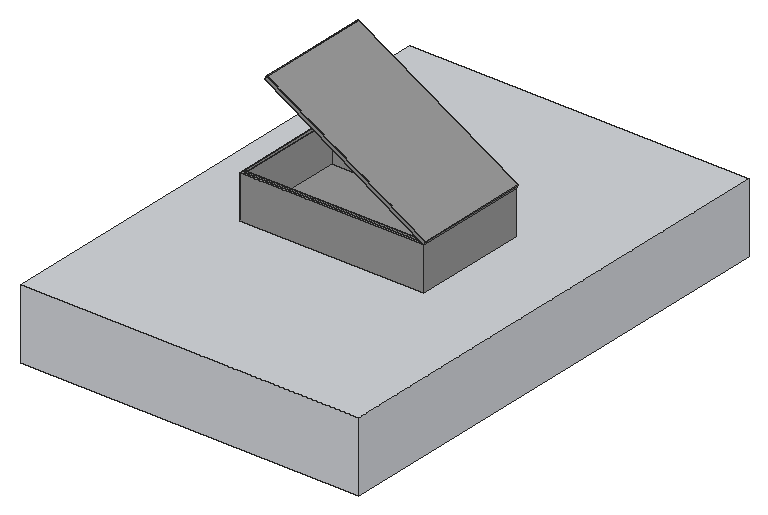
Revit family "Hager-Univers-IP44-D205-H500-Cl.II-Encl-PL-en", category Equipement électrique, Revit 2020
Family settings
  Hôte = Face
  Configuration du panneau = Deux colonnes, circuits au sein
  Cote de connecteur circulaire = Utiliser le diamètre
  Type d'élément = Tableau de raccordement
  Couper avec des vides une fois chargée = Non
  Partagée = Non
  Point de calcul de pièce = Non
Parameters (values of type "Surface mounted (plaster) IP44 W800 H500 D205  - FP33SN2")
  Width Control [instance] = if([EF000008 - Width] > Min Width, [EF000008 - Width], Min Width)  # 800 mm
  Commentaires du type = [HG000003 - Range]  # "Univers"
  Thickness Door [instance] = if([EF009171 - Material plate thickness door/cover] > 3 mm, 3 mm, [EF009171 - Material plate thickness door/cover])  # 1 mm
  Seal Frame Offset [instance] = 17 mm  # constant formula
  Plinth Visibility [instance] = [HG000027 - Plinth height] > 0 mm  # no
  Model = ""
  Min Width [instance] = 100 mm  # constant formula
  Min Height [instance] = 100 mm  # constant formula
  Min Depth [instance] = (2 * [EF009170 - Material plate thickness cabinet]) + 1 mm  # 3 mm
  Internal Frame Depth [instance] = (Door System Depth * 0.5)  # 9 mm
  Height Control [instance] = if([EF000040 - Height] > Min Height, [EF000040 - Height], Min Height)  # 500 mm
  HG000027 - Plinth height = 0 mm
  HG000026 - Floor standing = no
  HG000024 - Bottom section height = 800 mm
  HG000023 - Double section enclosure = no
  HG000016 - Door 3d visibility [instance] = yes
  HG000015 - Clearance visibility [instance] = no
  HG000014 - Door on the right [instance] = yes
  HG000013 - Door on the left [instance] = not([HG000014 - Door on the right])  # no
  HG000012 - Door swing angle [instance] = 30.00°
  HG000010 - Asymmetric doors = no
  HG000009 - Double swing door = no
  HG000006 - Flush mounted = no
  HG000004 - Manufacturer reference = "FP33SN2"
  HG000003 - Range = "Univers"
  HG000002 - With door or cover = yes
  Frame Offset Bottom [instance] = 10 mm  # constant formula
  Frame Offset [instance] = 15 mm  # constant formula
  EF015940 - Cover with overpressure release = no
  EF011959 - Degree of protection (NEMA) = ""
  EF009554 - Number of openings for flange plates = 6
  EF009212 - Cover model = "EV000116 - Closed"
  EF009171 - Material plate thickness door/cover = 1 mm
  EF009170 - Material plate thickness cabinet = 1 mm
  Fabricant = "Hager"  # constant formula
  EF008873 - Nominal current (In) = 250 A
  EF007800 - Suitable for lightning protection = no
  EF006306 - With lock = no
  EF006244 - Transparent cover/door = no
  EF005474 - Degree of protection (IP) = "EV006418 - IP44"
  EF004464 - Type of door = "EV002646 - Single"
  EF004427 - Number of modules = 108
  EF004293 - Impact strength = "EV006815 - IK09"
  EF003532 - Suitable for outdoor use = no
  EF002950 - Width in number of modular spacings = 36
  EF001613 - Circuit integrity = "EV000494 - None"
  EF001596 - Material housing = "EV000179 - Steel"
  EF001131 - Internal depth = 143 mm
  EF001088 - Extension possible = yes
  EF000437 - Number of conduit inlets = 6
  EF000339 - Type of cover = "EV001012 - Cover"
  EF000266 - Number of rows = 3
  EF000218 - Built-in depth = 205 mm
  EF000118 - With mounting plate = no
  EF000116 - RAL-number = "9010"
  EF000049 - Depth = 205 mm
  EF000040 - Height = 500 mm
  EF000008 - Width = 800 mm
  EF000007 - Colour = "EV000202 - White"
  EF000003 - Mounting method = "EV000384 - Surface mounted (plaster)"
  Door System Leaf Tolerance [instance] = 1.5 mm  # constant formula
  Door System Depth [instance] = 18 mm  # constant formula
  Door Height [instance] = Height Control - [HG000027 - Plinth height]  # 500 mm
  Depth Control [instance] = if([EF000049 - Depth] > Min Depth, [EF000049 - Depth], Min Depth)  # 205 mm
  Default Elevation = 0 mm
  Connector Offset [instance] = Height Control / 2  # 250 mm
  Bottom Top Plate Trim [instance] = 1.5 mm  # constant formula
  Plinth height Ctrl [instance] = if([HG000027 - Plinth height] > 0 mm, [HG000027 - Plinth height], 12 mm)  # 12 mm
Types (5, lengths in mm): name | Width Control | HG000010 - Asymmetric doors | HG000009 - Double swing door | HG000004 - Manufacturer reference | EF009554 - Number of openings for flange plates | EF004464 - Type of door | EF004427 - Number of modules | EF002950 - Width in number of modular spacings | EF000437 - Number of conduit inlets | EF000008 - Width
  Surface mounted (plaster) IP44 W1050 H500 D205  - FP34SN2 | 1050 | no | yes | "FP34SN2" | 8 | "EV003602 - Double" | 144 | 48 | 8 | 1050
  Surface mounted (plaster) IP44 W1300 H500 D205  - FP35SN2 | 1300 | yes | yes | "FP35SN2" | 10 | "EV003602 - Double" | 180 | 60 | 10 | 1300
  Surface mounted (plaster) IP44 W300 H500 D205  - FP31SN2 | 300 | no | no | "FP31SN2" | 2 | "EV002646 - Single" | 36 | 12 | 2 | 300
  Surface mounted (plaster) IP44 W550 H500 D205  - FP32SN2 | 550 | no | no | "FP32SN2" | 4 | "EV002646 - Single" | 72 | 24 | 4 | 550
  Surface mounted (plaster) IP44 W800 H500 D205  - FP33SN2 | 800 | no | no | "FP33SN2" | 6 | "EV002646 - Single" | 108 | 36 | 6 | 800
Reference planes
  plane 1 "Center (Front/Back)": y = 0
  plane 2: z = 0
  plane 3 "Center (Left/Right)": x = 0
  plane 4: z = 205
  plane 5: y = 1
  plane 6: y = 250
  plane 7: y = 0
  plane 8: y = 500
  plane 9: z = 0
  plane 10: x = -385
  plane 11: x = 385
  plane 12: x = 384
  plane 13: x = -384
  plane 14: y = 499
  plane 15: x = -383
  plane 16: x = -400
  plane 17: x = 383
  plane 18: x = 400
  plane 19: x = 399
  plane 20: x = -399
  plane 21: y = 11
  plane 22: y = 500
  plane 23: y = 484
  plane 24: z = 187
  plane 25: z = 1
  plane 26: z = 186
  plane 27: z = 204
Forms (mm)
  Extrusion 1, solid
    sketch origin (0, 0, 0) x (1, 0, 0) y (0, 1, 0)
      loop
        line (-702.964, 1305) -> (-702.964, -811.445) -> (766.763, -811.445) -> (766.763, 1305) -> (-702.964, 1305)
    from 0 to -304.8
  Extrusion 2, solid, material "Hager_Steel_RAL7035_Light_Grey", visible <- "Plinth Visibility", detail levels medium+fine
    sketch origin (0, 0, 0) x (1, 0, 0) y (0, 1, 0)
      loop
        line (-400, 0) -> (400, 0) -> (400, 12) -> (-400, 12) -> (-400, 0)
    from 0 to 187
  Extrusion 3, solid, material "Hager_Steel_RAL7035_Light_Grey", detail levels medium+fine
    sketch origin (0, 0, 0) x (1, 0, 0) y (0, 1, 0)
      loop
        line (-400, 0) -> (400, 0) -> (400, 500) -> (-400, 500) -> (-400, 0)
    from 0 to 187
  Extrusion 4, void
    sketch origin (0, 0, 0) x (1, 0, 0) y (0, 1, 0)
      loop
        line (-399, 1) -> (399, 1) -> (399, 499) -> (-399, 499) -> (-399, 1)
    from 1 to 186
  Extrusion 5, void
    sketch origin (-381.607, -4572, 187) x (0, -1, 0) y (-1, 0, 0)
      loop
        line (-4583, 2.393) -> (-5056, 2.393) -> (-5056, -765.607) -> (-4583, -765.607) -> (-4583, 2.393)
    from 0 to 1 <- "EF009170 - Material plate thickness cabinet"
  Extrusion 6, solid, material "Hager_Steel_RAL7035_Light_Grey", detail levels fine
    sketch origin (0, 0, 187) x (1, 0, 0) y (0, 1, 0)
      loop
        line (-384, 484) -> (-384, 11) -> (384, 11) -> (384, 484) -> (-384, 484)
      loop
        line (-385, 10) -> (385, 10) -> (385, 485) -> (-385, 485) -> (-385, 10)
    from 0 to 9 <- "Internal Frame Depth"
  Extrusion 7, solid, material "Hager_Steel_RAL7035_Light_Grey", detail levels coarse
    sketch origin (0, 0, 0) x (1, 0, 0) y (0, 1, 0)
      loop
        line (-400, 0) -> (400, 0) -> (400, 500) -> (-400, 500) -> (-400, 0)
    from 0 to 205
  Sweep 8, void
    path in 3D
      loop
        line (-400, 12, 0) -> (400, 12, 0) -> (400, 12, 187) -> (-400, 12, 187) -> (-400, 12, 0)
    profile origin (-400, 12, 93.5) x (-1, 0, 0) y (0, -1, 0)
      loop
        line (0, 0) -> (0, 1.5) -> (-1.5, 1.5)
        arc (-1.5, 1.5) -> (-1.061, 0.439) -> (0, 0) r 1.5
Cuts and joins
  Extrusion 4, Extrusion 5 cuts Extrusion 3
  Sweep 8 cuts Extrusion 2
Lines and regions (mm)
  Masking region 1
    outline origin (0, 0, 0) x (1, 0, 0) y (0, 0, 1)
      loop
        line (-400, 205) -> (-400, 0) -> (400, 0) -> (400, 205) -> (-400, 205)
  Masking region 2, detail levels medium+fine
    outline origin (0, 140, 0) x (0, 1, 0) y (0, 0, 1)
      loop
        line (-140, 0) -> (360, 0) -> (360, 187) -> (-140, 187) -> (-140, 0)
  Masking region 3, not visible, detail levels medium+fine
    outline origin (0, 297.922, 0) x (0, 1, 0) y (0, 0, 1)
      loop
        line (-36.422, 0) -> (3.578, 0) -> (3.578, 194)
        arc (3.578, 194) -> (0.649, 201.071) -> (-6.422, 204) r 10
        line (-6.422, 204) -> (-36.422, 204) -> (-36.422, 0)
  Masking region 4, detail levels coarse
    outline origin (0, 0, 180) x (0, 1, 0) y (0, 0, 1)
      loop
        line (0, -180) -> (500, -180) -> (500, 25) -> (0, 25) -> (0, -180)
  Masking region 5, visible <- "Plinth Visibility", detail levels medium+fine
    outline origin (0, 52.24, 12.345) x (0, 0, -1) y (0, 1, 0)
      loop
        line (10.845, -40.24) -> (-173.155, -40.24)
        arc (-173.155, -40.24) -> (-173.594, -41.301) -> (-174.655, -41.74) r 1.5
        line (-174.655, -41.74) -> (-174.655, -52.24) -> (12.345, -52.24) -> (12.345, -41.74)
        arc (12.345, -41.74) -> (11.285, -41.301) -> (10.845, -40.24) r 1.5
  Masking region 6, detail levels medium+fine
    outline origin (-381.607, -4572, 187) x (-1, 0, 0) y (0, -1, 0)
      loop
        line (18.393, -5072) -> (18.393, -4572) -> (-781.607, -4572) -> (-781.607, -5072) -> (18.393, -5072)
  Masking region 7, visible <- "Plinth Visibility", detail levels medium+fine
    outline origin (-381.607, -4727, 187) x (-1, 0, 0) y (0, -1, 0)
      loop
        arc (16.893, -4739) -> (17.332, -4737.939) -> (18.393, -4737.5) r 1.5
        line (18.393, -4737.5) -> (18.393, -4727) -> (-781.607, -4727) -> (-781.607, -4737.5)
        arc (-781.607, -4737.5) -> (-780.546, -4737.939) -> (-780.107, -4739) r 1.5
        line (-780.107, -4739) -> (16.893, -4739)
  Masking region 8, detail levels coarse
    outline origin (-442.548, -4669.526, 187) x (-1, 0, 0) y (0, -1, 0)
      loop
        line (-42.548, -5169.526) -> (-42.548, -4669.526) -> (-842.548, -4669.526) -> (-842.548, -5169.526) -> (-42.548, -5169.526)
  sketch lines
    curve 1: line (-400, 12, 187) -> (-400, 12, 0)
    curve 2: line (400, 12, 187) -> (-400, 12, 187)
    curve 3: line (400, 12, 187) -> (400, 12, 0)
    curve 4: line (-400, 12, 0) -> (400, 12, 0)
Dimensions and locks
  "Depth Control": plane 4 to Extrusion 1
  "HG000027 - Plinth height": plane 1 "Center (Front/Back)" to plane 7
  "EF009170 - Material plate thickness cabinet": plane 5 to plane 7
  locked: connector elem to plane 3 "Center (Left/Right)"
  equal spacing: plane 8, plane 6, plane 7
  locked: connector elem to plane 6
  "EF009170 - Material plate thickness cabinet": plane 8 to plane 14
  "EF009170 - Material plate thickness cabinet": plane 10 to plane 13
  "EF009170 - Material plate thickness cabinet": plane 12 to plane 11
  "Frame Offset": plane 20 to plane 13
  "Frame Offset": plane 12 to plane 19
  "EF009170 - Material plate thickness cabinet": plane 16 to plane 20
  "EF009170 - Material plate thickness cabinet": plane 19 to plane 18
  "Seal Frame Offset": plane 16 to plane 15
  "Seal Frame Offset": plane 17 to plane 18
  "Frame Offset Bottom": plane 21 to plane 5
  "Frame Offset": plane 14 to plane 23
  equal spacing: plane 16, plane 3 "Center (Left/Right)", plane 18
  "Width Control": plane 16 to plane 18
  "EF009170 - Material plate thickness cabinet": plane 4 to plane 27
  "EF009170 - Material plate thickness cabinet": plane 24 to plane 26
  "EF009170 - Material plate thickness cabinet": plane 25 to level
  "Door System Depth": plane 4 to plane 24
  "Height Control": plane 1 "Center (Front/Back)" to Extrusion 7 sketch curve
  "Height Control": Masking region 4 sketch curve to plane 1 "Center (Front/Back)"
  "Height Control": plane 1 "Center (Front/Back)" to plane 22
  "Bottom Top Plate Trim": profile plane to Sweep 8 sketch curve
  "Bottom Top Plate Trim": Sweep 8 sketch curve to profile plane
  "Plinth height Ctrl": plane 1 "Center (Front/Back)" to Extrusion 2 sketch curve
  "Plinth height Ctrl": Masking region 5 sketch curve to plane 1 "Center (Front/Back)"
  "Plinth height Ctrl": plane 1 "Center (Front/Back)" to Masking region 7 sketch curve
  "Thickness Door": Extrusion 6 sketch curve to Extrusion 6 sketch curve  (x3)
  "Thickness Door": cut or joined group of Extrusion 3, Extrusion 4, Extrusion 5 to Extrusion 6 sketch curve
  radius of Masking region 3 sketch curve = 10 mm
  "Bottom Top Plate Trim": radius of Masking region 5 sketch curve  (x2)
  "Bottom Top Plate Trim": radius of Sweep 8 sketch curve
  "Bottom Top Plate Trim": radius of Masking region 7 sketch curve  (x2)
  aligned and locked: plane 2 to Extrusion 1
  aligned and locked: level to Extrusion 1
  aligned and locked: level to Masking region 1 sketch curve
  aligned and locked: Masking region 1 sketch curve to plane 18
  aligned and locked: Masking region 1 sketch curve to plane 16
  aligned and locked: plane 7 to Masking region 2 sketch curve
  aligned and locked: level to Masking region 3 sketch curve
  aligned and locked: Masking region 3 sketch curve to plane 27
  aligned and locked: level to Masking region 2 sketch curve
  aligned and locked: plane 1 "Center (Front/Back)" to Extrusion 2 sketch curve
  aligned and locked: Extrusion 3 sketch curve to plane 7
  aligned and locked: plane 16 to Extrusion 3 sketch curve
  aligned and locked: plane 18 to Extrusion 3 sketch curve
  aligned and locked: plane 20 to Extrusion 4 sketch curve
  aligned and locked: plane 19 to Extrusion 4 sketch curve
  aligned and locked: Extrusion 4 sketch curve to plane 5
  aligned and locked: Extrusion 4 to plane 25
  aligned and locked: plane 26 to Extrusion 4
  aligned and locked: plane 24 to Extrusion 3
  aligned and locked: Extrusion 5 sketch curve to plane 21
  aligned and locked: Extrusion 5 sketch curve to plane 13
  aligned and locked: Extrusion 5 sketch curve to plane 12
  aligned and locked: plane 18 to Extrusion 7 sketch curve
  aligned and locked: plane 1 "Center (Front/Back)" to Extrusion 7 sketch curve
  aligned and locked: plane 16 to Extrusion 7 sketch curve
  aligned and locked: plane 4 to Extrusion 7
  aligned and locked: Extrusion 7 to level
  aligned and locked: level to Masking region 4 sketch curve
  aligned and locked: Masking region 4 sketch curve to plane 1 "Center (Front/Back)"
  aligned and locked: Masking region 4 sketch curve to plane 4
  aligned and locked: nested 1 to level
  aligned and locked: nested 1 to plane 16
  aligned and locked: plane 8 to Extrusion 3 sketch curve
  aligned and locked: plane 23 to Extrusion 5 sketch curve
  aligned and locked: plane 14 to Extrusion 4 sketch curve
  aligned and locked: Masking region 2 sketch curve to plane 8
  aligned and locked: level to Masking region 5 sketch curve
  aligned and locked: plane 16 to Extrusion 2 sketch curve
  aligned and locked: plane 18 to Extrusion 2 sketch curve
  aligned and locked: Masking region 5 sketch curve to plane 24
  aligned and locked: Masking region 2 sketch curve to plane 24
  aligned and locked: plane 24 to Extrusion 2
  aligned and locked: profile plane to Sweep 8 sketch curve  (x2)
  aligned and locked: Masking region 6 sketch curve to plane 18
  aligned and locked: Masking region 6 sketch curve to plane 22
  aligned and locked: Masking region 6 sketch curve to plane 16
  aligned and locked: plane 8 to plane 22
  aligned and locked: Masking region 6 sketch curve to plane 7
  aligned and locked: Masking region 7 sketch curve to plane 16
  aligned and locked: Masking region 7 sketch curve to plane 1 "Center (Front/Back)"
  aligned and locked: Masking region 7 sketch curve to plane 18
  aligned and locked: Masking region 8 sketch curve to plane 1 "Center (Front/Back)"
  aligned and locked: Masking region 8 sketch curve to plane 18
  aligned and locked: Masking region 8 sketch curve to plane 22
  aligned and locked: Masking region 8 sketch curve to plane 16
  aligned and locked: nested 2 to plane 7
  aligned and locked: plane 3 "Center (Left/Right)" to nested 2
  aligned and locked: nested 2 to plane 24
  aligned and locked: Extrusion 6 sketch curve to cut or joined group of Extrusion 3, Extrusion 4, Extrusion 5  (x4)
Automatic sketch dimensions
  Extrusion 1 sketch curve to Extrusion 1 sketch curve = 1469.727 mm
  Extrusion 1 sketch curve to Extrusion 1 sketch curve = 2116.445 mm
  Masking region 1 sketch curve to plane 4 = 0 mm
  plane 6 to Masking region 3 sketch curve = 11.5 mm
  Masking region 3 sketch curve to Masking region 3 sketch curve = 30 mm
  Masking region 5 sketch curve to plane 1 "Center (Front/Back)" = 0 mm
Nested families
  nested 1: "Hager_Enclosure_Symbol" at (-400, 0, 0) x (1, 0, 0) z (0, -1, 0), Height <- "Depth Control", Width <- "Width Control", type "Hager_Enclosure_Symbol"
    with Width_Ctrl 800 mm, Width 800 mm, Height_Ctrl 205 mm, Height 205 mm, A_Width_Int 13.453 mm, A_Width 161.438 mm, A_Height_Ctrl 179.375 mm, A_Height 179.375 mm
  nested 2: "EC000058_Univers_Door" at (0, 0, 187) x (1, 0, 0) z (0, 1, 0), Leaf_Tolerance <- "Door System Leaf Tolerance", Angle <- "HG000012 - Door swing angle", Door_Depth <- "Door System Depth", Door_Left <- "HG000013 - Door on the left", Transparent <- "EF006244 - Transparent cover/door", Assymetrical <- "HG000010 - Asymmetric doors", Width <- "Width Control", Clearance <- "HG000015 - Clearance visibility", Double <- "HG000009 - Double swing door", 3d_Door <- "HG000016 - Door 3d visibility", Lock_Visibility <- "EF006306 - With lock", Width_Ctrl <- "Width Control", Door_Right <- "HG000014 - Door on the right", Door <- "HG000002 - With door or cover", Height <- "Door Height", Thickness <- "Thickness Door", type "EC000058_Univers_Door", detail levels medium+fine
    with min_wh 3 mm, Width_Ctrl 800 mm, Width 800 mm, Transparent no, Thickness 1 mm, Seal_Material Hager_Rubber, Lock_Visibility no, Lock_Material Hager_Plastic_RAL9005_Jet_Black, Leaf_Width 800 mm, Leaf_Tolerance_External_Sides 0 mm, Leaf_Tolerance 1.5 mm, Leaf_Offset 0 mm, Leaf_Height 497 mm, Leaf_2_Width 800 mm, Leaf_2_Offset 400 mm, Leaf_1_Width 800 mm, Leaf_1_Offset 400 mm, Height_Ctrl 500 mm, Height 500 mm, Glass_Material Hager_Glass, Double_Clearance_Ctrl no, Double no, Door_Right_Ctrl yes, Door_Right yes, Door_Material Hager_Steel_RAL7035_Light_Grey, Door_Left_Ctrl no, Door_Left no, Door_Depth 18 mm, Door yes, Clearance_Material Hager_Clearance, Clearance_Depth 800 mm, Clearance_Ctrl no, Clearance no, Assymetrical no, Angle 30.00°, 3d_Door yes
Connectors
  electrical at (0, 250, 0)
    settings: on plane 9, index 1, voltage 0 V, apparent load 0 VA, apparent load phase1 0 VA, apparent load phase2 0 VA, apparent load phase3 0 VA, power factor 1, load classification "Other", number of poles 1, system type 30, power factor state 1, is connector primary yes, connector utility no, sub classification motor no, connector description ""
Definition of nested family "EC000058_Univers_Door"
  Parameters (values of type "EC000058_Univers_Door")
    min_wh [instance] = (2 * Thickness) + 1 mm  # 11 mm
    Width_Ctrl [instance] = 400 mm
    Width [instance] = 500 mm
    Transparent [instance] = yes
    Thickness [instance] = 5 mm
    Seal_Material [instance] = none
    Lock_Visibility [instance] = yes
    Lock_Material [instance] = none
    Leaf_Width [instance] = if((Width_Ctrl - 2 * Leaf_Tolerance_External_Sides) > 0 mm, (Width_Ctrl - 2 * Leaf_Tolerance_External_Sides), min_wh)  # 400 mm
    Leaf_Tolerance_External_Sides [instance] = 0 mm  # constant formula
    Leaf_Tolerance [instance] = 1.5 mm
    Leaf_Offset [instance] = 0 mm  # constant formula
    Leaf_Height [instance] = if((Height_Ctrl - 2 * Leaf_Tolerance) > 0 mm, (Height_Ctrl - 2 * Leaf_Tolerance), min_wh)  # 497 mm
    Leaf_2_Width [instance] = if(and(and(Double, Assymetrical), Door_Left), (Leaf_Width / 3) - (Leaf_Tolerance / 2), if(and(and(Double, Assymetrical), Door_Right), (Leaf_Width / 3) * 2 - (Leaf_Tolerance / 2), if(and(Double, not(Assymetrical)), (Leaf_Width / 2) - Leaf_Tolerance, Leaf_Width)))  # 400 mm
    Leaf_2_Offset [instance] = if(and(Double, Assymetrical), Leaf_2_Width / 2, if(and(Double, not(Assymetrical)), Leaf_Width / 4, Leaf_Width / 2))  # 200 mm
    Leaf_1_Width [instance] = if(and(and(Double, Assymetrical), Door_Right), (Leaf_Width / 3) - (Leaf_Tolerance / 2), if(and(and(Double, Assymetrical), Door_Left), (Width / 3) * 2 - (Leaf_Tolerance / 2), if(and(Double, not(Assymetrical)), (Leaf_Width / 2) - Leaf_Tolerance, Leaf_Width)))  # 400 mm
    Leaf_1_Offset [instance] = if(and(Double, Assymetrical), Leaf_1_Width / 2, if(and(Double, not(Assymetrical)), Leaf_Width / 4, Leaf_Width / 2))  # 200 mm
    Height_Ctrl [instance] = if(Height > min_wh, Height, min_wh)  # 500 mm
    Height [instance] = 500 mm
    Glass_Material [instance] = none
    Double_Clearance_Ctrl [instance] = and(Double, Clearance)  # no
    Double [instance] = no
    Door_Right_Ctrl [instance] = and(or(Door_Right, Double), Door)  # yes
    Door_Right [instance] = yes
    Door_Material [instance] = none
    Door_Left_Ctrl [instance] = and(or(Door_Left, Double), Door)  # no
    Door_Left [instance] = no
    Door_Depth [instance] = 30 mm
    Door [instance] = yes
    Default Elevation = 1219.2 mm
    Clearance_Material [instance] = none
    Clearance_Depth [instance] = if(Leaf_1_Width > Leaf_2_Width, Leaf_1_Width, Leaf_2_Width)  # 400 mm
    Clearance_Ctrl [instance] = and(not(Double), Clearance)  # yes
    Clearance [instance] = yes
    Assymetrical [instance] = yes
    Angle [instance] = 30.00°
    3d_Door [instance] = yes
  Reference planes
    plane 1 "Center (Front/Back)": y = 0
    plane 2 "Bottom": z = 0
    plane 3 "Center (Left/Right)": x = 0
    plane 4: z = 500
    plane 5: x = -200
    plane 6: x = 200
    plane 7: z = 500
    plane 8: x = -200
    plane 9: z = 0
    plane 10: x = 200
    plane 11: y = 0
    plane 12: z = 1.5
    plane 13: x = -600
    plane 14: y = -400
    plane 15: x = 600
    plane 16: x = 0
    plane 17: x = 0
    plane 18: x = -200
    plane 19: x = 200
    plane 20: z = 498.5
  Forms (mm)
    Extrusion 1, solid, material <- "Clearance_Material", visible <- "Double_Clearance_Ctrl"
      sketch origin (1200, 0, 0) x (1, 0, 0) y (0, 0, -1)
        loop
          line (-1800, -498.5) -> (-600, -498.5) -> (-600, 0) -> (-1800, 0) -> (-1800, -498.5)
      from 0 to -400
  Dimensions and locks
    equal spacing: plane 5, plane 3 "Center (Left/Right)", plane 6
    "Width_Ctrl": plane 5 to plane 6
    "Leaf_Offset": plane 5 to plane 8
    "Leaf_Offset": plane 6 to plane 10
    "Leaf_Offset": plane 9 to level
    "Leaf_Offset": plane 4 to plane 7
    "Height_Ctrl": plane 4 to level
    "Leaf_Tolerance": plane 12 to plane 9
    locked: plane 11 to plane 1 "Center (Front/Back)"
    "Leaf_1_Offset": plane 18 to plane 16
    "Leaf_2_Offset": plane 17 to plane 19
    "Leaf_1_Width": plane 13 to plane 8
    "Leaf_2_Width": plane 10 to plane 15
    "Clearance_Depth": plane 14 to plane 1 "Center (Front/Back)"
    "Leaf_Tolerance_External_Sides": plane 8 to plane 18
    "Leaf_Tolerance_External_Sides": plane 19 to plane 10
    "Leaf_Tolerance": plane 7 to plane 20
    aligned and locked: level to plane 2 "Bottom"
    aligned and locked: nested 1 to plane 16
    aligned and locked: nested 2 to plane 17
    aligned and locked: Extrusion 1 to plane 13
    aligned and locked: plane 15 to Extrusion 1
    aligned and locked: Extrusion 1 to plane 14
    aligned and locked: plane 12 to nested 1
    aligned and locked: nested 2 to plane 12
    aligned and locked: Extrusion 1 to plane 11
    aligned and locked: plane 20 to Extrusion 1
    aligned and locked: nested 2 to plane 11
    aligned and locked: nested 1 to plane 11
  Automatic sketch dimensions
    Extrusion 1 sketch curve to level = 0 mm
    plane 5 to Extrusion 1 sketch curve = 400 mm
    plane 6 to Extrusion 1 sketch curve = 400 mm
    Extrusion 1 sketch curve to plane 4 = 1.5 mm
  Nested families
    nested 1: "EC000058_Univers_Door_Leaf" at (0, 0, 1.5), Width <- "Leaf_1_Width", visible <- "Door_Left_Ctrl", Leaf_Height <- "Leaf_Height", Angle <- "Angle", 3d_Door <- "3d_Door", Transparent <- "Transparent", Clearance Material <- "Clearance_Material", Clearance <- "Clearance_Ctrl", Door_Material <- "Door_Material", Glass_Material <- "Glass_Material", Door_Depth <- "Door_Depth", Lock_Material <- "Lock_Material", Seal_Material <- "Seal_Material", Lock_Visibility <- "Lock_Visibility", Thickness <- "Thickness", type "EC000058_Univers_Door_Leaf"
      with Width 400 mm, Transparent_Glass_Offset 30 mm, Transparent_Ctrl yes, Transparent yes, Thickness 5 mm, Standard no, Seal_Material none, Seal_D2 8 mm, Seal_D1 1 mm, Offset_Internal_Frame 10 mm, Lock_Width 20 mm, Lock_Visibility_3d yes, Lock_Visibility yes, Lock_Thickness_3 3 mm, Lock_Thickness_2 1 mm, Lock_Thickness_1 3 mm, Lock_Radius_Offset_2 16 mm, Lock_Radius_Offset_1 15 mm, Lock_Radius_2 5 mm, Lock_Radius 6 mm, Lock_Offset 5 mm, Lock_Material none, Lock_Height 80 mm, Lock_Cover_Top_Offset_2d 17 mm, Lock_Cover_Height -65 mm, Leaf_Height 497 mm, Internal_Seal_Thickness 8 mm, Internal_Seal_Depth_2 4.5 mm, Internal_Frame_Depth 25 mm, Glass_Thickness -1 mm, Glass_Offset -2 mm, Glass_Material none, Door_Material none, Door_Depth 30 mm, Clearance Material none, Clearance yes, Angle_Ctrl 30.00°, Angle 30.00°, 3d_Door yes
    nested 2: "EC000058_Univers_Door_Leaf" at (0, 0, 1.5) x (-1, 0, 0) z (0, 0, 1), Width <- "Leaf_2_Width", visible <- "Door_Right_Ctrl", Leaf_Height <- "Leaf_Height", Angle <- "Angle", 3d_Door <- "3d_Door", Transparent <- "Transparent", Clearance Material <- "Clearance_Material", Clearance <- "Clearance_Ctrl", Door_Material <- "Door_Material", Glass_Material <- "Glass_Material", Door_Depth <- "Door_Depth", Lock_Material <- "Lock_Material", Seal_Material <- "Seal_Material", Lock_Visibility <- "Lock_Visibility", Thickness <- "Thickness", type "EC000058_Univers_Door_Leaf"
      with Width 400 mm, Transparent_Glass_Offset 30 mm, Transparent_Ctrl yes, Transparent yes, Thickness 5 mm, Standard no, Seal_Material none, Seal_D2 8 mm, Seal_D1 1 mm, Offset_Internal_Frame 10 mm, Lock_Width 20 mm, Lock_Visibility_3d yes, Lock_Visibility yes, Lock_Thickness_3 3 mm, Lock_Thickness_2 1 mm, Lock_Thickness_1 3 mm, Lock_Radius_Offset_2 16 mm, Lock_Radius_Offset_1 15 mm, Lock_Radius_2 5 mm, Lock_Radius 6 mm, Lock_Offset 5 mm, Lock_Material none, Lock_Height 80 mm, Lock_Cover_Top_Offset_2d 17 mm, Lock_Cover_Height -65 mm, Leaf_Height 497 mm, Internal_Seal_Thickness 8 mm, Internal_Seal_Depth_2 4.5 mm, Internal_Frame_Depth 25 mm, Glass_Thickness -1 mm, Glass_Offset -2 mm, Glass_Material none, Door_Material none, Door_Depth 30 mm, Clearance Material none, Clearance yes, Angle_Ctrl 30.00°, Angle 30.00°, 3d_Door yes
  Definition of nested family "EC000058_Univers_Door_Leaf"
    Parameters (values of type "EC000058_Univers_Door_Leaf")
      Width [instance] = 2000 mm
      Transparent_Glass_Offset [instance] = 30 mm
      Transparent_Ctrl [instance] = and(Transparent, [3d_Door])  # yes
      Transparent [instance] = yes
      Thickness [instance] = 5 mm
      Standard [instance] = and(not(Transparent), [3d_Door])  # no
      Seal_Material [instance] = none
      Seal_D2 [instance] = 8 mm  # constant formula
      Seal_D1 [instance] = 1 mm  # constant formula
      Offset_Internal_Frame [instance] = 10 mm  # constant formula
      Lock_Width [instance] = 20 mm  # constant formula
      Lock_Visibility_3d [instance] = and(Lock_Visibility, [3d_Door])  # yes
      Lock_Visibility [instance] = yes
      Lock_Thickness_3 [instance] = 3 mm  # constant formula
      Lock_Thickness_2 [instance] = 1 mm  # constant formula
      Lock_Thickness_1 [instance] = 3 mm  # constant formula
      Lock_Radius_Offset_2 [instance] = Lock_Radius_Offset_1 + 1 mm  # 16 mm
      Lock_Radius_Offset_1 [instance] = 15 mm  # constant formula
      Lock_Radius_2 [instance] = Lock_Radius - 1 mm  # 5 mm
      Lock_Radius [instance] = 6 mm  # constant formula
      Lock_Offset [instance] = 5 mm  # constant formula
      Lock_Material [instance] = none
      Lock_Height [instance] = 80 mm  # constant formula
      Lock_Cover_Top_Offset_2d [instance] = Lock_Radius_Offset_2 + 1 mm  # 17 mm
      Lock_Cover_Height [instance] = -(Lock_Height - Lock_Radius_Offset_1)  # -65 mm
      Leaf_Height [instance] = 2720.336 mm
      Internal_Seal_Thickness [instance] = 8 mm  # constant formula
      Internal_Seal_Depth_2 [instance] = 4.5 mm  # constant formula
      Internal_Frame_Depth [instance] = if(Door_Depth - Thickness > 5 mm, Door_Depth - Thickness, 5 mm)  # 25 mm
      Glass_Thickness [instance] = if(Thickness > 15 mm, Glass_Offset + 10 mm, -1 mm)  # -1 mm
      Glass_Offset [instance] = if(Thickness > 15 mm, -(Thickness + 10 mm) / 2, -2 mm)  # -2 mm
      Glass_Material [instance] = none
      Door_Material [instance] = none
      Door_Depth [instance] = 30 mm
      Default Elevation = 0 mm
      Clearance Material [instance] = none
      Clearance [instance] = yes
      Angle_Ctrl [instance] = if(Angle > 180.00°, 180.00°, Angle)  # 90.00°
      Angle [instance] = 90.00°
      3d_Door [instance] = yes
    Reference planes
      plane 1 "Center (Front/Back)": y = 0
      plane 2: z = 0
      plane 3 "Center (Left/Right)": x = 0
      plane 4: y = 2000
      plane 5: x = -1000
      plane 6: x = 1000
      plane 7: x = -3000
      plane 8: z = 2720.336
      plane 9: z = 30
      plane 10: z = 2690.336
      plane 11: x = 970
      plane 12: x = -970
      plane 13: y = -3
      plane 14: z = 107.833
      plane 15: y = -5
      plane 16: y = -223.314
      plane 17: x = -1000
      plane 18: z = 1360.168
      plane 19: y = 30
    Forms (mm)
      Extrusion 1, solid, material <- "Clearance Material", visible <- "Clearance"
        sketch origin (0, 0, 0) x (1, 0, 0) y (0, 0, 1)
          loop
            line (-3000, 2720.336) -> (-3000, 0) -> (1000, 0) -> (1000, 2720.336) -> (-3000, 2720.336)
        from 0 to -2000
      Extrusion 2, solid, material <- "Door_Material", visible <- "Standard", detail levels medium+fine
        sketch origin (-1000, 0, 0) x (0, 1, 0) y (-1, 0, 0)
          loop
            line (0, 30) -> (0, 25) -> (2000, 25) -> (2000, 30) -> (0, 30)
        from 0 to 2720.336 <- "Leaf_Height"
      Extrusion 3, solid, material <- "Door_Material", visible <- "Transparent_Ctrl", detail levels medium+fine
        sketch origin (-1000, 0, 0) x (0, 1, 0) y (-1, 0, 0)
          loop
            line (0, 25) -> (2000, 25) -> (2000, 30) -> (0, 30) -> (0, 25)
        from 0 to 2720.336 <- "Leaf_Height"
      Extrusion 4, void
        sketch origin (-1025, 2000, 0) x (0, 1, 0) y (0, 0, -1)
          loop
            line (-30, -2690.336) -> (-30, -30) -> (-1970, -30) -> (-1970, -2690.336) -> (-30, -2690.336)
        from 0 to 5 <- "Thickness"
      Sweep 5, solid, material <- "Seal_Material", visible <- "Transparent_Ctrl", detail levels fine
        path in 3D
          loop
            line (-1025, 30, 30) -> (-1025, 30, 2690.336) -> (-1025, 1970, 2690.336) -> (-1025, 1970, 30) -> (-1025, 30, 30)
        profile origin (-1025, 1000, 30) x (1, 0, 0) y (0, 0, 1)
          loop
            line (0, 0) -> (0, -8) -> (1, -8) -> (1, 0) -> (0, 0)
      Extrusion 6, solid, material <- "Glass_Material", visible <- "Transparent_Ctrl", detail levels medium+fine
        sketch origin (-1030, 0, 0) x (0, 1, 0) y (0, 0, -1)
          loop
            line (1970, -2690.336) -> (1970, -30) -> (30, -30) -> (30, -2690.336) -> (1970, -2690.336)
        from -2 <- "Glass_Offset" to -1 <- "Glass_Thickness"
      Extrusion 7, solid, material <- "Door_Material", visible <- "3d_Door", detail levels medium+fine
        sketch origin (-1025, 2000, 0) x (0, -1, 0) y (0, 0, -1)
          loop
            line (0, -2720.336) -> (2000, -2720.336) -> (2000, 0) -> (0, 0) -> (0, -2720.336)
          loop
            line (1995, -5) -> (5, -5) -> (5, -2715.336) -> (1995, -2715.336) -> (1995, -5)
        from 0 to 25 <- "Internal_Frame_Depth"
      Sweep 8, solid, material <- "Seal_Material", visible <- "Transparent_Ctrl", detail levels fine
        path in 3D
          loop
            line (-1025, 0, 0) -> (-1025, 2000, 0) -> (-1025, 2000, 2720.336) -> (-1025, 0, 2720.336) -> (-1025, 0, 0)
        profile origin (-1025, 0, 1360.168) x (1, 0, 0) y (0, 1, 0)
          loop
            line (0, 10) -> (2.975, 10)
            arc (2.975, 10) -> (4.053, 10.447) -> (4.5, 11.525) r 1.525
            line (4.5, 11.525) -> (4.5, 16.527)
            arc (4.5, 16.527) -> (4.069, 17.569) -> (3.027, 18) r 1.473
            line (3.027, 18) -> (0, 18) -> (0, 10)
      Extrusion 9, solid, material <- "Lock_Material", visible <- "Lock_Visibility_3d", detail levels fine
        sketch origin (-1030, 0, 0) x (0, 1, 0) y (0, 0, -1)
          loop
            arc (1993.5, -1400.168) -> (1994.561, -1399.729) -> (1995, -1398.668) r 1.5
            line (1995, -1398.668) -> (1995, -1320.168) -> (1975, -1320.168) -> (1975, -1398.668)
            arc (1975, -1398.668) -> (1975.439, -1399.729) -> (1976.5, -1400.168) r 1.5
            line (1976.5, -1400.168) -> (1993.5, -1400.168)
        from 3 <- "Lock_Thickness_1" to 0
      Blend 10, solid, material <- "Lock_Material", visible <- "Lock_Visibility_3d", detail levels fine
        base sketch origin (-1033, 0, 0) x (0, 1, 0) y (0, 0, -1)
          loop
            line (1975, -1320.168) -> (1975, -1398.668)
            arc (1975, -1398.668) -> (1975.439, -1399.729) -> (1976.5, -1400.168) r 1.5
            line (1976.5, -1400.168) -> (1993.5, -1400.168)
            arc (1993.5, -1400.168) -> (1994.561, -1399.729) -> (1995, -1398.668) r 1.5
            line (1995, -1398.668) -> (1995, -1320.168) -> (1975, -1320.168)
        top sketch origin (-1033, 0, 0) x (0, 1, 0) y (0, 0, -1)
          loop
            line (1976, -1320.168) -> (1976, -1398.668)
            arc (1976, -1398.668) -> (1976.146, -1399.022) -> (1976.5, -1399.168) r 0.5
            line (1976.5, -1399.168) -> (1993.5, -1399.168)
            arc (1993.5, -1399.168) -> (1993.854, -1399.022) -> (1994, -1398.668) r 0.5
            line (1994, -1398.668) -> (1994, -1320.168) -> (1976, -1320.168)
        from 0 to 1 <- "Lock_Thickness_2"
      Blend 11, solid, material <- "Lock_Material", visible <- "Lock_Visibility_3d", detail levels fine
        base sketch origin (-1034, 0, 0) x (0, 1, 0) y (0, 0, -1)
          loop
            line (1978, -1320.168) -> (1978, -1384.168)
            arc (1978, -1384.168) -> (1985, -1391.168) -> (1992, -1384.168) r 7
            line (1992, -1384.168) -> (1992, -1320.168) -> (1978, -1320.168)
        top sketch origin (-1034, 0, 0) x (0, 1, 0) y (0, 0, -1)
          loop
            line (1991, -1320.168) -> (1979, -1320.168) -> (1979, -1383.168)
            arc (1979, -1383.168) -> (1985, -1389.168) -> (1991, -1383.168) r 6
            line (1991, -1383.168) -> (1991, -1320.168)
        from 0 to 3 <- "Lock_Thickness_3"
      Extrusion 12, solid, material <- "Lock_Material", visible <- "Lock_Visibility_3d", detail levels fine
        sketch origin (-1030, 1975, 1320.168) x (1, 0, 0) y (0, -1, 0)
          loop
            line (-7, -19) -> (-7, -1) -> (0, -1) -> (0, 0) -> (-8, 0) -> (-8, -20) -> (0, -20) -> (0, -19) -> (-7, -19)
        from 0 to -65 <- "Lock_Cover_Height"
      Extrusion 13, void
        sketch origin (-1038, 1995, 1320.168) x (-1, 0, 0) y (0, 0, -1)
          loop
            line (-5, -65) -> (0, -65) -> (-5, -60) -> (-5, -65)
        from 0 to 20 <- "Lock_Width"
      Extrusion 14, void
        sketch origin (-1038, 1975, 1320.168) x (0, -1, 0) y (0, 0, -1)
          loop
            circle (-10, -15.995) r 6
          loop
            circle (-10, -15.995) r 5
        from 0 to 2
      Extrusion 15, solid, material <- "Lock_Material", visible <- "Lock_Visibility_3d", detail levels medium
        sketch origin (-1030, 0, 0) x (0, 1, 0) y (0, 0, -1)
          loop
            arc (1993.5, -1400.168) -> (1994.561, -1399.729) -> (1995, -1398.668) r 1.5
            line (1995, -1398.668) -> (1995, -1320.168) -> (1975, -1320.168) -> (1975, -1398.668)
            arc (1975, -1398.668) -> (1975.439, -1399.729) -> (1976.5, -1400.168) r 1.5
            line (1976.5, -1400.168) -> (1993.5, -1400.168)
        from 8 to 0
    Cuts and joins
      Extrusion 4 cuts Extrusion 3
      Extrusion 13, Extrusion 14 cuts Extrusion 9
      Extrusion 14 cuts Blend 11
      Extrusion 13, Extrusion 14 cuts Extrusion 12
      joined: Extrusion 9, Blend 10, Blend 11, Extrusion 12
      Extrusion 14 cuts Extrusion 15
    Lines and regions (mm)
      Masking region 1, visible <- "Lock_Visibility", detail levels fine
        outline origin (0, 0, 0) x (0, 1, 0) y (0, 0, 1)
          loop
            line (30, 1320.168) -> (33, 1320.168) -> (33, 1400.168) -> (30, 1400.168) -> (30, 1320.168)
      Masking region 2, visible <- "Lock_Visibility", detail levels fine
        outline origin (0, 3.143, 0) x (0, 1, 0) y (0, 0, 1)
          loop
            line (29.857, 1354.168) -> (30.857, 1354.168) -> (30.857, 1366.168) -> (29.857, 1366.168) -> (29.857, 1354.168)
      Masking region 3, detail levels medium+fine
        outline origin (0, 0, 0) x (0, 1, 0) y (0, 0, 1)
          loop
            line (0, 0) -> (30, 0) -> (30, 2720.336) -> (0, 2720.336) -> (0, 0)
      Masking region 4, detail levels medium+fine
        outline origin (0, 0, 0) x (1, 0, 0) y (0, 0, 1)
          loop
            line (-1000, 2720.336) -> (-1000, 0) -> (1000, 0) -> (1000, 2720.336) -> (-1000, 2720.336)
      Masking region 5, visible <- "Lock_Visibility", detail levels fine
        outline origin (-47.116, 0, 0) x (1, 0, 0) y (0, 0, 1)
          loop
            arc (1024.616, 1399.168) -> (1023.556, 1398.729) -> (1023.116, 1397.668) r 1.5
            line (1023.116, 1397.668) -> (1023.116, 1320.168) -> (1041.116, 1320.168) -> (1041.116, 1397.668)
            arc (1041.116, 1397.668) -> (1040.677, 1398.729) -> (1039.616, 1399.168) r 1.5
            line (1039.616, 1399.168) -> (1024.616, 1399.168)
      Masking region 6, visible <- "Lock_Visibility", detail levels medium+fine
        outline origin (-25, 0, 0) x (1, 0, 0) y (0, 0, 1)
          loop
            arc (1001.5, 1400.168) -> (1000.439, 1399.729) -> (1000, 1398.668) r 1.5
            line (1000, 1398.668) -> (1000, 1320.168) -> (1020, 1320.168) -> (1020, 1398.668)
            arc (1020, 1398.668) -> (1019.561, 1399.729) -> (1018.5, 1400.168) r 1.5
            line (1018.5, 1400.168) -> (1001.5, 1400.168)
      Masking region 7, visible <- "Lock_Visibility", detail levels fine
        outline origin (-73.735, 0, 0) x (1, 0, 0) y (0, 0, 1)
          loop
            line (1051.735, 1382.168) -> (1065.735, 1382.168) -> (1065.735, 1384.168)
            arc (1065.735, 1384.168) -> (1058.735, 1391.168) -> (1051.735, 1384.168) r 7
            line (1051.735, 1384.168) -> (1051.735, 1382.168)
      Masking region 8, visible <- "Lock_Visibility", detail levels fine
        outline origin (-73.735, 0, 0) x (1, 0, 0) y (0, 0, 1)
          loop
            line (1052.735, 1382.168) -> (1064.735, 1382.168) -> (1064.735, 1383.168)
            arc (1064.735, 1383.168) -> (1058.735, 1389.168) -> (1052.735, 1383.168) r 6
            line (1052.735, 1383.168) -> (1052.735, 1382.168)
      Masking region 9, visible <- "Lock_Visibility", detail levels fine
        outline origin (-25, 0, 0) x (1, 0, 0) y (0, 0, 1)
          loop
            line (1020, 1320.168) -> (1020, 1382.168) -> (1000, 1382.168) -> (1000, 1320.168) -> (1020, 1320.168)
      Masking region 10, detail levels medium+fine
        outline origin (0, 0, 0) x (1, 0, 0) y (0, 0, 1)
          loop
            circle (985, 1335.144) r 6
      Masking region 11, detail levels fine
        outline origin (0, 0, 0) x (1, 0, 0) y (0, 0, 1)
          loop
            circle (985, 1335.144) r 5
      Masking region 12, visible <- "Lock_Visibility", detail levels fine
        outline origin (0, 12.767, 0) x (0, 1, 0) y (0, 0, 1)
          loop
            line (20.233, 1320.168) -> (21.233, 1320.168) -> (21.233, 1399.168) -> (20.233, 1400.168) -> (20.233, 1320.168)
      Masking region 13, visible <- "Lock_Visibility", detail levels fine
        outline origin (0, 13.767, -10) x (0, 1, 0) y (0, 0, 1)
          loop
            line (20.233, 1330.168) -> (23.233, 1330.168) -> (23.233, 1399.168) -> (20.233, 1402.168) -> (20.233, 1330.168)
      Masking region 14, visible <- "Lock_Visibility", detail levels fine
        outline origin (0, 12.767, -10) x (0, 1, 0) y (0, 0, 1)
          loop
            line (20.233, 1330.168) -> (25.233, 1330.168) -> (25.233, 1399.305) -> (20.233, 1394.305) -> (20.233, 1330.168)
      Masking region 15, visible <- "Lock_Visibility", detail levels medium
        outline origin (0, 0, 0) x (0, 1, 0) y (0, 0, 1)
          loop
            line (30, 1320.168) -> (38, 1320.168) -> (38, 1400.168) -> (30, 1400.168) -> (30, 1320.168)
      Masking region 16, visible <- "Lock_Visibility", detail levels fine
        outline origin (-1000, 0, 0) x (0, 1, 0) y (-1, 0, 0)
          loop
            line (1975, 30) -> (1995, 30) -> (1995, 38) -> (1975, 38) -> (1975, 30)
          loop
            line (1979, 37) -> (1976, 37) -> (1976, 34) -> (1978, 34) -> (1979, 37)
          loop
            line (1994, 37) -> (1991, 37) -> (1992, 34) -> (1994, 34) -> (1994, 37)
      Masking region 17, visible <- "Lock_Visibility", detail levels medium
        outline origin (-1000, 0, 0) x (0, 1, 0) y (-1, 0, 0)
          loop
            line (1975, 30) -> (1995, 30) -> (1995, 38) -> (1975, 38) -> (1975, 30)
      symbolic lines
        curve 1: line (1000, 0, 0) -> (-3000, 0, 0)
        curve 2: arc (1000, 0, 0) -> (-1000, 2000, 0) -> (-3000, 0, 0) r 2000
        curve 4: line (-1030, 0, 0) -> (-1030, 2000, 0)
      reference lines
        curve 3: line (-1000, 0, 0) -> (-1000, 2000, 0)
      symbolic lines, detail levels medium+fine
        curve 5: line (-1030, 2000, 0) -> (-1025, 2000, 0)
        curve 7: line (-1025, 0, 0) -> (-1030, 0, 0)
        curve 8: line (-1025, 0, 0) -> (-1000, 0, 0)
        curve 9: line (-1000, 0, 0) -> (-1000, 2000, 0)
        curve 10: line (-1000, 2000, 0) -> (-1025, 2000, 0)
      symbolic lines, detail levels fine
        curve 6: line (-1025, 2000, 0) -> (-1025, 0, 0)
      sketch lines
        curve 11: line (-1025, 0, 2720.336) -> (-1025, 0, 0)
        curve 12: line (-1025, 2000, 0) -> (-1025, 0, 0)
        curve 13: line (-1025, 2000, 2720.336) -> (-1025, 2000, 0)
        curve 14: line (-1025, 0, 2720.336) -> (-1025, 2000, 2720.336)
        curve 15: line (-1025, 1970, 30) -> (-1025, 30, 30)
        curve 16: line (-1025, 30, 30) -> (-1025, 30, 2690.336)
        curve 17: line (-1025, 1970, 2690.336) -> (-1025, 1970, 30)
        curve 18: line (-1025, 30, 2690.336) -> (-1025, 1970, 2690.336)
      symbolic lines, visible <- "Transparent", detail levels medium+fine
        curve 19: line (-970, 0, 2690.336) -> (970, 0, 2690.336)
        curve 20: line (-970, 0, 30) -> (-970, 0, 2690.336)
        curve 21: line (970, 0, 30) -> (-970, 0, 30)
        curve 22: line (970, 0, 2690.336) -> (970, 0, 30)
    Dimensions and locks
      "Width": plane 1 "Center (Front/Back)" to plane 4
      equal spacing: plane 5, plane 3 "Center (Left/Right)", plane 6
      "Width": plane 5 to plane 6
      "Width": plane 7 to plane 5
      "Leaf_Height": plane 8 to level
      "Width": curve 5 to curve 3
      "Width": curve 3 to curve 3
      plane 8 to plane 10 = 30 mm
      plane 9 to level = 30 mm
      plane 12 to plane 5 = 30 mm
      plane 6 to plane 11 = 30 mm
      Extrusion 1 to Extrusion 4 sketch curve = 30 mm
      "Transparent_Glass_Offset": curve 3 to Extrusion 4 sketch curve
      "Transparent_Glass_Offset": Extrusion 4 sketch curve to cut or joined group of Extrusion 3, Extrusion 4  (x2)
      cut or joined group of Extrusion 3, Extrusion 4 to Extrusion 6 sketch curve = 30 mm
      "Transparent_Glass_Offset": cut or joined group of Extrusion 3, Extrusion 4 to Extrusion 4 sketch curve
      "Thickness": curve 6 to curve 4
      "Thickness": Extrusion 7 sketch curve to Extrusion 7 sketch curve  (x4)
      "Door_Depth": curve 4 to curve 3
      "Offset_Internal_Frame": profile plane to Sweep 8 sketch curve
      "Internal_Seal_Thickness": Sweep 8 sketch curve to Sweep 8 sketch curve
      "Internal_Seal_Depth_2": profile plane to Sweep 8 sketch curve
      "Seal_D1": profile plane to Sweep 5 sketch curve
      "Seal_D2": profile plane to Sweep 5 sketch curve
      "Thickness": Extrusion 2 sketch curve to Extrusion 2 sketch curve
      equal spacing: Extrusion 9 sketch curve, plane 18, Extrusion 9 sketch curve  (x2)
      equal spacing: Masking region 1 sketch curve, plane 18, Masking region 1 sketch curve
      "Lock_Height": Masking region 1 sketch curve to Masking region 1 sketch curve
      "Lock_Radius": Masking region 2 sketch curve to plane 18 to Masking region 2 sketch curve
      Masking region 2 sketch curve to Masking region 1 = 1 mm
      "Door_Depth": plane 19 to plane 1 "Center (Front/Back)"
      "Lock_Thickness_1": Masking region 1 sketch curve to plane 19
      "Lock_Width": Extrusion 9 sketch curve to Extrusion 9 sketch curve
      "Lock_Height": Extrusion 9 sketch curve to Extrusion 9 sketch curve
      "Lock_Offset": cut or joined group of Extrusion 3, Extrusion 4 to Extrusion 9 sketch curve
      equal spacing: plane 8, plane 18, level
      "Lock_Radius_Offset_1": Blend 11 sketch curve to Blend 10
      locked: Blend 10 to Blend 11 sketch curve at 2  (x2)
      locked: var sketch to Blend 11 sketch curve at 1  (x2)
      "Lock_Radius_Offset_2": Blend 11 sketch curve to Blend 10
      locked: Extrusion 12 sketch curve to Extrusion 12 sketch curve at 1  (x3)
      Masking region 6 sketch curve to Masking region 6 sketch curve = 80 mm
      "Lock_Height": Masking region 6 sketch curve to Masking region 6 sketch curve
      "Lock_Width": Masking region 6 sketch curve to Masking region 6 sketch curve
      locked: Masking region 6 to Masking region 5 sketch curve at 1  (x3)
      locked: Masking region 5 to Masking region 7 sketch curve at 2  (x2)
      "Lock_Radius_Offset_1": Masking region 5 to Masking region 7 sketch curve
      "Lock_Radius_Offset_2": Masking region 5 to Masking region 8 sketch curve
      locked: Masking region 7 to Masking region 8 sketch curve at 1  (x2)
      "Lock_Cover_Top_Offset_2d": Masking region 5 to Masking region 9 sketch curve
      equal spacing: Masking region 9, Masking region 10 sketch curve, Masking region 9
      equal spacing: Masking region 9, Masking region 11 sketch curve, Masking region 9
      Extrusion 15 sketch curve to Extrusion 15 sketch curve = 80 mm
      "Lock_Width": Extrusion 15 sketch curve to Extrusion 15 sketch curve
      "Lock_Height": Extrusion 15 sketch curve to Extrusion 15 sketch curve
      equal spacing: Extrusion 15 sketch curve, plane 18, Extrusion 15 sketch curve
      "Lock_Thickness_3": Masking region 13 sketch curve to Masking region 13 sketch curve
      "Lock_Height": Masking region 12 sketch curve to Masking region 12 sketch curve
      locked: Masking region 13 sketch curve to Masking region 1 at 8
      locked: Masking region 14 sketch curve to Masking region 13 at 1
      locked: Masking region 14 sketch curve to Masking region 1 at 10.863
      "Lock_Height": Masking region 15 sketch curve to Masking region 15 sketch curve
      "Lock_Offset": Extrusion 15 sketch curve to cut or joined group of Extrusion 3, Extrusion 4
      "Lock_Offset": plane 6 to Masking region 6 sketch curve
      radius of Sweep 8 sketch curve = 1.525 mm
      radius of Sweep 8 sketch curve = 1.473 mm
      radius of Extrusion 9 sketch curve = 1.5 mm  (x2)
      "Lock_Radius": radius of Extrusion 14 sketch curve
      "Lock_Radius_2": radius of Extrusion 14 sketch curve
      "Lock_Radius": radius of Masking region 10 sketch curve
      "Lock_Radius_2": radius of Masking region 11 sketch curve
      radius of Extrusion 15 sketch curve = 1.5 mm  (x2)
      "Angle_Ctrl": angle plane 1 "Center (Front/Back)" to curve 3
      locked: Masking region 12 sketch curve to Masking region 12 sketch curve (angle 45.00°)
      locked: Masking region 13 sketch curve to Masking region 13 sketch curve (angle 45.00°)
      locked: Masking region 14 sketch curve to Masking region 14 sketch curve (angle 45.00°)
      aligned and locked: level to plane 2
      aligned and locked: Extrusion 1 to curve 1
      aligned and locked: plane 6 to Extrusion 1
      aligned and locked: Extrusion 1 to plane 1 "Center (Front/Back)"
      aligned and locked: plane 4 to Extrusion 1
      aligned and locked: plane 8 to Extrusion 1
      aligned and locked: curve 7 to Extrusion 2 sketch curve
      aligned and locked: curve 5 to Extrusion 2 sketch curve
      aligned and locked: curve 7 to Extrusion 3 sketch curve
      aligned and locked: Extrusion 3 sketch curve to curve 4
      aligned and locked: Extrusion 3 sketch curve to curve 6
      aligned and locked: Extrusion 3 sketch curve to curve 5
      aligned and locked: curve 9 to curve 3
      aligned and locked: Extrusion 7 sketch curve to cut or joined group of Extrusion 3, Extrusion 4  (x4)
      aligned and locked: plane 17 to curve 3
      aligned and locked: plane 1 "Center (Front/Back)" to curve 3
      aligned and locked: plane 17 to plane 5
      aligned and locked: Sweep 8 sketch curve to profile plane
      aligned and locked: Sweep 5 sketch curve to profile plane  (x2)
      aligned and locked: Masking region 1 to Masking region 2 sketch curve
      aligned and locked: plane 19 to Masking region 1 sketch curve
      aligned and locked: plane 1 "Center (Front/Back)" to Masking region 3 sketch curve
      aligned and locked: plane 19 to Masking region 3 sketch curve
      aligned and locked: level to Masking region 3 sketch curve
      aligned and locked: Masking region 3 sketch curve to plane 8
      aligned and locked: plane 17 to Masking region 4 sketch curve
      aligned and locked: level to Masking region 4 sketch curve
      aligned and locked: Masking region 4 sketch curve to plane 8
      aligned and locked: plane 12 to curve 20
      aligned and locked: plane 10 to curve 19
      aligned and locked: plane 11 to curve 22
      aligned and locked: curve 21 to plane 9
      aligned and locked: Extrusion 2 sketch curve to cut or joined group of Extrusion 3, Extrusion 4
      aligned and locked: Blend 10 sketch curve to Extrusion 9  (x4)
      aligned and locked: Extrusion 9 to Blend 10 sketch curve
      aligned and locked: Blend 10 to Blend 11 sketch curve
      aligned and locked: Extrusion 12 sketch curve to Blend 11
      aligned and locked: Extrusion 12 sketch curve to Extrusion 9  (x4)
      aligned and locked: Masking region 5 sketch curve to Masking region 6
      aligned and locked: Masking region 9 sketch curve to Masking region 6  (x3)
      aligned and locked: Masking region 12 sketch curve to Masking region 1
      aligned and locked: Masking region 13 sketch curve to Masking region 1
      aligned and locked: Masking region 12 to Masking region 14
      aligned and locked: Masking region 14 sketch curve to Masking region 1
      aligned and locked: Masking region 15 sketch curve to Masking region 14
      aligned and locked: Masking region 13 sketch curve to Masking region 12
      aligned and locked: Masking region 16 sketch curve to cut or joined group of Extrusion 14, Extrusion 15  (x4)
      aligned and locked: Masking region 16 sketch curve to cut or joined group of Extrusion 9, Blend 10, Blend 11, Extrusion 12, Extrusion 13, Extrusion 14  (x6)
      aligned and locked: cut or joined group of Extrusion 9, Blend 10, Blend 11, Extrusion 12, Extrusion 13, Extrusion 14 to Masking region 16 sketch curve
      aligned and locked: Masking region 17 sketch curve to cut or joined group of Extrusion 14, Extrusion 15  (x3)
      aligned and locked: Masking region 17 sketch curve to cut or joined group of Extrusion 9, Blend 10, Blend 11, Extrusion 12, Extrusion 13, Extrusion 14
      aligned and locked: Masking region 9 to Masking region 8 sketch curve
      aligned and locked: Masking region 9 to Masking region 7 sketch curve
    Automatic sketch dimensions
      plane 1 "Center (Front/Back)" to curve 2 = 0 mm
      curve 2 to plane 5 = 0 mm
      Extrusion 1 sketch curve to level = 0 mm
      Extrusion 1 sketch curve to plane 7 = 0 mm
      Extrusion 1 sketch curve to plane 6 = 0 mm
      Extrusion 1 sketch curve to plane 8 = 0 mm
      Extrusion 3 to Extrusion 6 sketch curve = 30 mm  (x4)
      Masking region 4 sketch curve to plane 6 = 0 mm
      Blend 10 sketch curve to Extrusion 9 = 1.5 mm
      Blend 10 sketch curve to Extrusion 9 = 1 mm
      Extrusion 13 sketch curve to Extrusion 12 = 0 mm  (x2)
      Extrusion 12 to Extrusion 13 sketch curve = 3 mm
      Extrusion 13 sketch curve to Extrusion 12 = 5 mm
      Extrusion 14 sketch curve to Extrusion 14 sketch curve = 0 mm  (x2)
      Extrusion 14 sketch curve to Extrusion 12 = 10 mm
      Extrusion 14 sketch curve to Extrusion 12 = 15.995 mm
      Masking region 5 sketch curve to Masking region 5 sketch curve = 1.5 mm  (x2)
      Masking region 10 sketch curve to plane 18 = 25.024 mm
      Masking region 11 sketch curve to plane 18 = 25.024 mm
      plane 19 to Masking region 14 sketch curve = 3 mm
      Masking region 16 sketch curve to Masking region 16 sketch curve = 3 mm
      curve 4 to curve 3 = 0 mm
      Blend 10 to Blend 11 sketch curve = 0 mm
      Masking region 6 sketch curve to Masking region 6 sketch curve = 1.5 mm  (x2)
      Masking region 6 sketch curve to plane 18 = 40 mm
      plane 19 to Masking region 12 sketch curve = 3 mm
      Masking region 12 sketch curve to Masking region 12 sketch curve = 1 mm
      Masking region 15 sketch curve to plane 19 = 0 mm
      Masking region 15 sketch curve to plane 18 = 40 mm
      radius of Blend 10 sketch curve to Extrusion 9 = 1 mm
Definition of nested family "Hager_Enclosure_Symbol"
  Parameters (values of type "Hager_Enclosure_Symbol")
    Width_Ctrl [instance] = if(Width > 1 mm, Width, 1 mm)  # 102.27 mm
    Width [instance] = 102.27 mm
    Height_Ctrl [instance] = if(Height > 1 mm, Height, 1 mm)  # 66.5 mm
    A_Width_Int [instance] = if(A_Width / 12 > 2 mm, A_Width / 12, 2 mm)  # 4.364 mm
    A_Width [instance] = if(A_Height_Ctrl * 0.9 > 2 mm, A_Height_Ctrl * 0.9, 2 mm)  # 52.369 mm
    A_Height_Ctrl [instance] = if(A_Height > 2 mm, A_Height, 2 mm)  # 58.188 mm
    Height [instance] = 66.5 mm
    A_Height [instance] = Height - (Height / 8)  # 58.188 mm
  Reference planes
    plane 1 "Centre (avant/arrière)": y = 0
    plane 2: z = 0
    plane 3 "Centre (gauche/droite)": x = 0
    plane 4: x = 52.369
    plane 5: y = 33.042
    plane 6: y = 41.77
    plane 7: y = 66.5
    plane 8: x = 26.184
    plane 9: y = 37.406
    plane 10: x = 102.27
    plane 11: y = 66.5
    plane 12: y = 8.313
  Lines and regions (mm)
    Filled region 1, type "Solid_Black", in view "Niveau de réf."
      outline origin (0, 0, 0) x (1, 0, 0) y (0, 1, 0)
        loop
          line (52.369, 66.5) -> (33.188, 54.536) -> (45.365, 45.006) -> (52.369, 66.5)
    Filled region 2, type "Solid_Black", in view "Niveau de réf."
      outline origin (0, 0, 0) x (1, 0, 0) y (0, 1, 0)
        loop
          line (0, 0) -> (102.27, 0) -> (102.27, 66.5) -> (0, 0)
    detail lines, in view "Niveau de réf."
      curve 1: line (0, 8.313, 0) -> (26.184, 41.77, 0)
      curve 2: line (26.184, 41.77, 0) -> (26.184, 33.042, 0)
      curve 3: line (26.184, 33.042, 0) -> (52.369, 66.5, 0)
  Dimensions and locks
    "A_Width": plane 3 "Centre (gauche/droite)" to plane 4
    equal spacing: plane 3 "Centre (gauche/droite)", plane 8, plane 4
    equal spacing: plane 6, plane 9, plane 5
    equal spacing: curve 3, Filled region 1 sketch curve, Filled region 1 sketch curve
    "Height_Ctrl": plane 1 "Centre (avant/arrière)" to plane 11
    "A_Height_Ctrl": plane 11 to plane 12
    equal spacing: plane 11, plane 9, plane 12
    "A_Width_Int": plane 6 to plane 9
    "Width_Ctrl": plane 3 "Centre (gauche/droite)" to plane 10
    angle Filled region 1 sketch curve to curve 3 = 20.00°
    angle curve 3 to Filled region 1 sketch curve = 20.00°
    locked: curve 3 to Filled region 1 sketch curve (angle 90.00°)
    aligned and locked: plane 10 to Filled region 2
    aligned and locked: plane 11 to Filled region 2 sketch curve
    aligned and locked: plane 10 to Filled region 2 sketch curve
    aligned and locked: plane 3 "Centre (gauche/droite)" to curve 1
    aligned and locked: plane 12 to curve 1
    aligned and locked: plane 7 to plane 11
  Automatic sketch dimensions
    Filled region 1 sketch curve to plane 4 = 0 mm
    Filled region 1 sketch curve to plane 7 = 0 mm
    plane 1 "Centre (avant/arrière)" to Filled region 2 sketch curve = 0 mm
    Filled region 2 sketch curve to plane 3 "Centre (gauche/droite)" = 0 mm
    curve 2 to plane 6 = 0 mm
    curve 2 to plane 8 = 0 mm
    curve 3 to plane 4 = 0 mm
    curve 2 to plane 5 = 0 mm
    curve 3 to plane 7 = 0 mm
